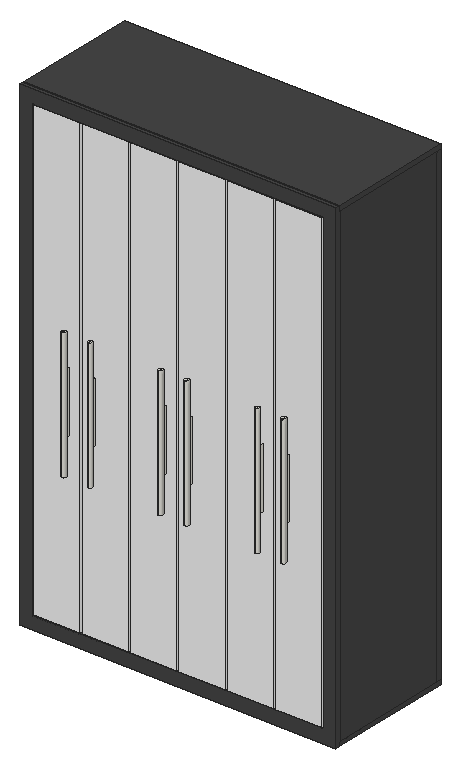
Revit family
Parameters (values of type "59A_침실_수납장2")
  Manufacturer = "Deco land"
  Model = "BM 901"
  wardrobe material = 몸통
  knob material = Chrome, 2
  face material = white shine
  Width = 1500 mm
  Height = 2300 mm
  Depth = 620 mm
  Assembly Code = ""
Types (2, lengths in mm): name | Width
  59A_침실_수납장2 | 1500
  59A_침실_수납장1 | 1800
Reference planes
  plane 1 "중심(앞/뒤)": y = 310
  plane 2: z = 0
  plane 3 "중심(왼쪽/오른쪽)": x = 0
  plane 4: x = -750
  plane 5: x = 750
  plane 6: y = 620
  plane 7: y = 0
  plane 8: z = 2300
  plane 9: y = 600
  plane 10: y = 20
  plane 11: x = -690
  plane 12: x = 690
  plane 13: x = -730
  plane 14: x = 730
  plane 15: z = 2279.812
  plane 16: z = 19.977
  plane 17: x = -230
  plane 18: x = 230
  plane 19: x = -460
  plane 20: x = 460
  plane 21: z = 1511.541
  plane 22: z = 788.271
  plane 23: z = 2234.812
  plane 24: z = 65
  plane 25: y = -35.557
  plane 26: z = 2239.812
  plane 27: z = 60
  plane 28: x = -465
  plane 29: x = -455
  plane 30: x = -235
  plane 31: x = -225
  plane 32: x = -5
  plane 33: x = 5
  plane 34: x = 225
  plane 35: x = 235
  plane 36: x = 455
  plane 37: x = 465
  plane 38: x = 1435
  plane 39: x = -1935
Forms (mm)
  Extrusion 1, solid, material "몸통" <- "wardrobe material"
    sketch origin (0, 310, 0) x (1, 0, 0) y (0, 0, 1)
      loop
        line (750, 2280) -> (730, 2280) -> (730, 20) -> (750, 20) -> (750, 2280)
      loop
        line (-750, 2280) -> (-750, 20) -> (-730, 20) -> (-730, 2280) -> (-750, 2280)
    from -290 to 290
  Extrusion 2, solid, material "몸통" <- "wardrobe material"
    sketch origin (0, 310, 0) x (1, 0, 0) y (0, 0, 1)
      loop
        line (-750, 2279.812) -> (-750, 19.977) -> (750, 19.977) -> (750, 2279.812) -> (-750, 2279.812)
    from -310 to -290
  Extrusion 3, solid, material "몸통" <- "wardrobe material"
    sketch origin (0, 310, 0) x (1, 0, 0) y (0, 0, -1)
      loop
        line (-750, -2300) -> (750, -2300) -> (750, 0) -> (-750, 0) -> (-750, -2300)
      loop
        line (-690, -2239.812) -> (690, -2239.812) -> (690, -60) -> (-690, -60) -> (-690, -2239.812)
    from -310 to -290
  Extrusion 4, solid, material "몸통" <- "wardrobe material"
    sketch origin (0, 310, 0) x (1, 0, 0) y (0, 0, 1)
      loop
        line (750, 2300) -> (-750, 2300) -> (-750, 2280) -> (750, 2280) -> (750, 2300)
      loop
        line (750, 20) -> (-750, 20) -> (-750, 0) -> (750, 0) -> (750, 20)
    from -310 to 290
  Extrusion 5, solid, material "white shine" <- "face material"
    sketch origin (0, 310, 0) x (1, 0, 0) y (0, 1, 0)
      loop
        line (-685, -290) -> (-685, -310) -> (-465, -310) -> (-465, -290) -> (-685, -290)
      loop
        line (-235, -290) -> (-455, -290) -> (-455, -310) -> (-235, -310) -> (-235, -290)
      loop
        line (-225, -290) -> (-225, -310) -> (-5, -310) -> (-5, -290) -> (-225, -290)
      loop
        line (225, -290) -> (5, -290) -> (5, -310) -> (225, -310) -> (225, -290)
      loop
        line (235, -290) -> (235, -310) -> (455, -310) -> (455, -290) -> (235, -290)
      loop
        line (685, -290) -> (465, -290) -> (465, -310) -> (685, -310) -> (685, -290)
    from 65 to 2234.812
  Revolve 6, solid, material "Chrome, 2" <- "knob material"
    sketch origin (522.12, 305, 0) x (0, 1, 0) y (0, 0, 1)
      loop
        line (-330.557, 1336.896) -> (-340.557, 1336.896) -> (-340.557, 723.503) -> (-330.557, 723.503) -> (-330.557, 1336.896)
      axis (-330.557, 1336.896) -> (-330.557, 723.503)
    angle from 0 to 360
  Extrusion 7, solid, material "Chrome, 2" <- "knob material"
    sketch origin (519.62, 310, 0) x (0, 1, 0) y (0, 0, 1)
      loop
        line (-310, 1172.352) -> (-327.98, 1172.352) -> (-327.98, 884.71) -> (-310, 884.71) -> (-310, 1172.352)
    from 0 to 5
  Revolve 8, solid, material "Chrome, 2" <- "knob material"
    sketch origin (397.88, 315, 0) x (0, 1, 0) y (0, 0, -1)
      loop
        line (-340.557, -1336.896) -> (-340.557, -723.503) -> (-350.557, -723.503) -> (-350.557, -1336.896) -> (-340.557, -1336.896)
      axis (-340.557, -1336.896) -> (-340.557, -723.503)
    angle from 0 to 360
  Extrusion 9, solid, material "Chrome, 2" <- "knob material"
    sketch origin (400.38, 310, 0) x (0, 1, 0) y (0, 0, -1)
      loop
        line (-310, -1172.352) -> (-310, -884.71) -> (-327.98, -884.71) -> (-327.98, -1172.352) -> (-310, -1172.352)
    from 0 to 5
  Revolve 10, solid, material "Chrome, 2" <- "knob material"
    sketch origin (-397.88, 305, 0) x (0, 1, 0) y (0, 0, 1)
      loop
        line (-330.557, 1336.896) -> (-340.557, 1336.896) -> (-340.557, 723.503) -> (-330.557, 723.503) -> (-330.557, 1336.896)
      axis (-330.557, 1336.896) -> (-330.557, 723.503)
    angle from 0 to 360
  Extrusion 11, solid, material "Chrome, 2" <- "knob material"
    sketch origin (-400.38, 310, 0) x (0, 1, 0) y (0, 0, 1)
      loop
        line (-310, 1172.352) -> (-327.98, 1172.352) -> (-327.98, 884.71) -> (-310, 884.71) -> (-310, 1172.352)
    from 0 to 5
  Revolve 12, solid, material "Chrome, 2" <- "knob material"
    sketch origin (-522.12, 315, 0) x (0, 1, 0) y (0, 0, -1)
      loop
        line (-340.557, -1336.896) -> (-340.557, -723.503) -> (-350.557, -723.503) -> (-350.557, -1336.896) -> (-340.557, -1336.896)
      axis (-340.557, -1336.896) -> (-340.557, -723.503)
    angle from 0 to 360
  Extrusion 13, solid, material "Chrome, 2" <- "knob material"
    sketch origin (-519.62, 310, 0) x (0, 1, 0) y (0, 0, -1)
      loop
        line (-310, -1172.352) -> (-310, -884.71) -> (-327.98, -884.71) -> (-327.98, -1172.352) -> (-310, -1172.352)
    from 0 to 5
  Revolve 14, solid, material "Chrome, 2" <- "knob material"
    sketch origin (62.12, 305, 0) x (0, 1, 0) y (0, 0, 1)
      loop
        line (-330.557, 1336.896) -> (-340.557, 1336.896) -> (-340.557, 723.503) -> (-330.557, 723.503) -> (-330.557, 1336.896)
      axis (-330.557, 1336.896) -> (-330.557, 723.503)
    angle from 0 to 360
  Extrusion 15, solid, material "Chrome, 2" <- "knob material"
    sketch origin (59.62, 310, 0) x (0, 1, 0) y (0, 0, 1)
      loop
        line (-310, 1172.352) -> (-327.98, 1172.352) -> (-327.98, 884.71) -> (-310, 884.71) -> (-310, 1172.352)
    from 0 to 5
  Revolve 16, solid, material "Chrome, 2" <- "knob material"
    sketch origin (-62.12, 315, 0) x (0, 1, 0) y (0, 0, -1)
      loop
        line (-340.557, -1336.896) -> (-340.557, -723.503) -> (-350.557, -723.503) -> (-350.557, -1336.896) -> (-340.557, -1336.896)
      axis (-340.557, -1336.896) -> (-340.557, -723.503)
    angle from 0 to 360
  Extrusion 17, solid, material "Chrome, 2" <- "knob material"
    sketch origin (-59.62, 310, 0) x (0, 1, 0) y (0, 0, -1)
      loop
        line (-310, -1172.352) -> (-310, -884.71) -> (-327.98, -884.71) -> (-327.98, -1172.352) -> (-310, -1172.352)
    from 0 to 5
Lines and regions (mm)
  symbolic lines, detail levels coarse+medium
    curve 1: line (-750, 620, 0) -> (750, 620, 0)
    curve 2: line (-750, 0, 0) -> (-750, 620, 0)
    curve 3: line (750, 0, 0) -> (-750, 0, 0)
    curve 4: line (750, 620, 0) -> (750, 0, 0)
    curve 5: line (-750, 20, 0) -> (750, 20, 0)
  symbolic lines, detail levels fine
    curve 6: line (750, 620, 0) -> (-750, 620, 0)
    curve 7: line (-750, 600, 0) -> (750, 600, 0)
    curve 8: line (-750, 20, 0) -> (750, 20, 0)
    curve 9: line (-750, 0, 0) -> (750, 0, 0)
    curve 10: line (519.62, -17.98, 0) -> (524.62, -17.98, 0)
    curve 11: line (395.38, -17.98, 0) -> (400.38, -17.98, 0)
    curve 12: line (59.62, -17.98, 0) -> (64.62, -17.98, 0)
    curve 13: line (-64.62, -17.98, 0) -> (-59.62, -17.98, 0)
    curve 14: line (-400.38, -17.98, 0) -> (-395.38, -17.98, 0)
    curve 15: line (-524.62, -17.98, 0) -> (-519.62, -17.98, 0)
    curve 16: line (750, 0, 0) -> (750, 620, 0)
    curve 17: line (730, 600, 0) -> (730, 20, 0)
    curve 18: line (690, 20, 0) -> (690, 0, 0)
    curve 19: line (685, 0, 0) -> (685, 20, 0)
    curve 20: line (524.62, -17.98, 0) -> (524.62, 0, 0)
    curve 21: line (519.62, 0, 0) -> (519.62, -17.98, 0)
    curve 22: arc (522.12, -15.557, 0) -> (532.12, -25.557, 0) -> (522.12, -35.557, 0) r 10
    curve 23: arc (522.12, -35.557, 0) -> (512.12, -25.557, 0) -> (522.12, -15.557, 0) r 10
    curve 24: line (465, 20, 0) -> (465, 0, 0)
    curve 25: line (455, 0, 0) -> (455, 20, 0)
    curve 26: line (400.38, -17.98, 0) -> (400.38, 0, 0)
    curve 27: line (395.38, 0, 0) -> (395.38, -17.98, 0)
    curve 28: arc (397.88, -35.557, 0) -> (407.88, -25.557, 0) -> (397.88, -15.557, 0) r 10
    curve 29: arc (397.88, -15.557, 0) -> (387.88, -25.557, 0) -> (397.88, -35.557, 0) r 10
    curve 30: line (235, 20, 0) -> (235, 0, 0)
    curve 31: line (225, 0, 0) -> (225, 20, 0)
    curve 32: arc (62.12, -15.557, 0) -> (72.12, -25.557, 0) -> (62.12, -35.557, 0) r 10
    curve 33: arc (62.12, -35.557, 0) -> (52.12, -25.557, 0) -> (62.12, -15.557, 0) r 10
    curve 34: line (64.62, -17.98, 0) -> (64.62, 0, 0)
    curve 35: line (59.62, 0, 0) -> (59.62, -17.98, 0)
    curve 36: line (5, 20, 0) -> (5, 0, 0)
    curve 37: line (-5, 0, 0) -> (-5, 20, 0)
    curve 38: line (-59.62, -17.98, 0) -> (-59.62, 0, 0)
    curve 39: line (-64.62, 0, 0) -> (-64.62, -17.98, 0)
    curve 40: arc (-62.12, -35.557, 0) -> (-52.12, -25.557, 0) -> (-62.12, -15.557, 0) r 10
    curve 41: arc (-62.12, -15.557, 0) -> (-72.12, -25.557, 0) -> (-62.12, -35.557, 0) r 10
    curve 42: line (-225, 20, 0) -> (-225, 0, 0)
    curve 43: line (-235, 0, 0) -> (-235, 20, 0)
    curve 44: line (-395.38, -17.98, 0) -> (-395.38, 0, 0)
    curve 45: line (-400.38, 0, 0) -> (-400.38, -17.98, 0)
    curve 46: arc (-397.88, -15.557, 0) -> (-387.88, -25.557, 0) -> (-397.88, -35.557, 0) r 10
    curve 47: arc (-397.88, -35.557, 0) -> (-407.88, -25.557, 0) -> (-397.88, -15.557, 0) r 10
    curve 48: line (-455, 20, 0) -> (-455, 0, 0)
    curve 49: line (-465, 0, 0) -> (-465, 20, 0)
    curve 50: line (-519.62, -17.98, 0) -> (-519.62, 0, 0)
    curve 51: line (-524.62, 0, 0) -> (-524.62, -17.98, 0)
    curve 52: arc (-522.12, -35.557, 0) -> (-512.12, -25.557, 0) -> (-522.12, -15.557, 0) r 10
    curve 53: arc (-522.12, -15.557, 0) -> (-532.12, -25.557, 0) -> (-522.12, -35.557, 0) r 10
    curve 54: line (-685, 20, 0) -> (-685, 0, 0)
    curve 55: line (-690, 0, 0) -> (-690, 20, 0)
    curve 56: line (-730, 20, 0) -> (-730, 600, 0)
    curve 57: line (-750, 620, 0) -> (-750, 0, 0)
Dimensions and locks
  equal spacing: plane 4, plane 3 "중심(왼쪽/오른쪽)", plane 5
  "Width": plane 4 to plane 5
  equal spacing: plane 7, plane 1 "중심(앞/뒤)", plane 6
  "Depth": plane 7 to plane 6
  "Height": level to plane 8
  locked: plane 9 to plane 6 at 20
  locked: plane 7 to plane 10 at 20
  locked: plane 4 to plane 13 at 20
  locked: plane 14 to plane 5 at 20
  equal spacing: plane 11, plane 19, plane 17, plane 3 "중심(왼쪽/오른쪽)", plane 18, plane 20, plane 12
  Extrusion 5 to plane 12 = 5 mm
  locked: plane 11 to Extrusion 5 at 5
  equal spacing: plane 24, plane 22, plane 21, plane 23
  equal spacing: Extrusion 11, plane 19, Extrusion 13, locked at 59.62 each
  equal spacing: Extrusion 7, plane 20, Extrusion 9, locked at 59.62 each
  locked: plane 25 to plane 7 at 35.557
  locked: plane 23 to plane 26 at 5
  locked: plane 26 to plane 15 at 40
  locked: plane 15 to plane 8 at 20.188
  locked: plane 27 to plane 24 at 5
  locked: plane 16 to plane 27 at 40.023
  locked: level to plane 16 at 19.977
  equal spacing: Extrusion 15, plane 3 "중심(왼쪽/오른쪽)", Extrusion 17
  locked: plane 28 to plane 19 at 5
  locked: plane 19 to plane 29 at 5
  locked: plane 30 to plane 17 at 5
  locked: plane 17 to plane 31 at 5
  locked: plane 32 to plane 3 "중심(왼쪽/오른쪽)" at 5
  locked: plane 3 "중심(왼쪽/오른쪽)" to plane 33 at 5
  locked: plane 34 to plane 18 at 5
  locked: plane 18 to plane 35 at 5
  locked: plane 36 to plane 20 at 5
  locked: plane 20 to plane 37 at 5
  locked: plane 12 to plane 14 at 40
  aligned and locked: Extrusion 4 to Extrusion 1  (x6)
  aligned and locked: Extrusion 4 to Extrusion 4  (x2)
  aligned and locked: plane 4 to Extrusion 4  (x2)
  aligned and locked: plane 5 to Extrusion 4  (x2)
  aligned and locked: Extrusion 1 to Extrusion 4  (x3)
  aligned and locked: Extrusion 1 to plane 5
  aligned and locked: plane 4 to Extrusion 1
  aligned and locked: plane 4 to Extrusion 2
  aligned and locked: Extrusion 3 to plane 5  (x2)
  aligned and locked: plane 4 to Extrusion 3  (x3)
  aligned and locked: Extrusion 4 to plane 5
  aligned and locked: plane 5 to Extrusion 3
  aligned and locked: plane 5 to Extrusion 2
  aligned and locked: plane 7 to Extrusion 3  (x2)
  aligned and locked: Extrusion 3 to plane 7  (x3)
  aligned and locked: Extrusion 4 to level  (x2)
  aligned and locked: plane 16 to Extrusion 2
  aligned and locked: level to Extrusion 3
  aligned and locked: Extrusion 3 to Extrusion 4
  aligned and locked: plane 15 to Extrusion 2
  aligned and locked: plane 2 to level
  aligned and locked: Extrusion 4 to plane 8  (x5)
  aligned and locked: Extrusion 4 to plane 6
  aligned and locked: plane 9 to Extrusion 2  (x2)
  aligned and locked: Extrusion 2 to plane 6
  aligned and locked: Extrusion 4 to plane 10
  aligned and locked: Extrusion 1 to Extrusion 2
  aligned and locked: Extrusion 1 to plane 9
  aligned and locked: Extrusion 2 to Extrusion 1
  aligned and locked: Extrusion 2 to plane 9
  aligned and locked: plane 9 to Extrusion 1
  aligned and locked: Extrusion 3 to plane 10
  aligned and locked: plane 10 to Extrusion 1  (x2)
  aligned and locked: plane 10 to Extrusion 4
  aligned and locked: plane 25 to Revolve 12
  aligned and locked: plane 25 to Revolve 10
  aligned and locked: plane 25 to Revolve 8
  aligned and locked: plane 25 to Revolve 6
  aligned and locked: Extrusion 5 to plane 23
  aligned and locked: plane 24 to Extrusion 5
  aligned and locked: plane 26 to Extrusion 3
  aligned and locked: plane 27 to Extrusion 3
  aligned and locked: plane 11 to Extrusion 3
  aligned and locked: plane 12 to Extrusion 3
  aligned and locked: plane 7 to Extrusion 13
  aligned and locked: Extrusion 13 to Extrusion 3  (x2)
  aligned and locked: Extrusion 5 to Extrusion 13
  aligned and locked: plane 25 to Revolve 16
  aligned and locked: plane 25 to Revolve 14
  aligned and locked: plane 28 to Extrusion 5 sketch curve
  aligned and locked: plane 29 to Extrusion 5 sketch curve
  aligned and locked: Extrusion 5 sketch curve to plane 30
  aligned and locked: Extrusion 5 sketch curve to plane 31
  aligned and locked: plane 32 to Extrusion 5 sketch curve
  aligned and locked: plane 33 to Extrusion 5 sketch curve
  aligned and locked: Extrusion 5 sketch curve to plane 35
  aligned and locked: Extrusion 5 sketch curve to plane 34
  aligned and locked: plane 37 to Extrusion 5 sketch curve
  aligned and locked: plane 36 to Extrusion 5 sketch curve
  aligned and locked: plane 13 to Extrusion 1
  aligned and locked: plane 14 to Extrusion 1
  aligned and locked: curve 1 to Extrusion 2
  aligned and locked: curve 4 to Extrusion 3  (x2)
  aligned and locked: curve 2 to curve 5
  aligned and locked: curve 5 to Extrusion 1
  aligned and locked: curve 6 to Extrusion 4
  aligned and locked: curve 7 to Extrusion 2
  aligned and locked: curve 8 to Extrusion 4
  aligned and locked: curve 9 to Extrusion 3
  aligned and locked: curve 10 to Extrusion 7
  aligned and locked: curve 11 to Extrusion 9
  aligned and locked: curve 12 to Extrusion 15
  aligned and locked: curve 13 to Extrusion 17
  aligned and locked: curve 14 to Extrusion 11
  aligned and locked: curve 15 to Extrusion 13
  aligned and locked: curve 16 to Extrusion 4
  aligned and locked: curve 17 to Extrusion 1
  aligned and locked: curve 18 to Extrusion 3
  aligned and locked: curve 19 to Extrusion 5
  aligned and locked: curve 20 to Extrusion 7
  aligned and locked: curve 21 to Extrusion 7
  aligned and locked: curve 24 to Extrusion 5
  aligned and locked: curve 25 to Extrusion 5
  aligned and locked: curve 26 to Extrusion 9
  aligned and locked: curve 27 to Extrusion 9
  aligned and locked: curve 30 to Extrusion 5
  aligned and locked: curve 31 to Extrusion 5
  aligned and locked: curve 34 to Extrusion 15
  aligned and locked: curve 35 to Extrusion 15
  aligned and locked: curve 36 to Extrusion 5
  aligned and locked: curve 37 to Extrusion 5
  aligned and locked: curve 38 to Extrusion 17
  aligned and locked: curve 39 to Extrusion 17
  aligned and locked: curve 42 to Extrusion 5
  aligned and locked: curve 43 to Extrusion 5
  aligned and locked: curve 44 to Extrusion 11
  aligned and locked: curve 45 to Extrusion 11
  aligned and locked: curve 48 to Extrusion 5
  aligned and locked: curve 49 to Extrusion 5
  aligned and locked: curve 50 to Extrusion 13
  aligned and locked: curve 51 to Extrusion 13
  aligned and locked: curve 54 to Extrusion 5
  aligned and locked: curve 55 to Extrusion 3
  aligned and locked: curve 56 to Extrusion 1
  aligned and locked: curve 57 to Extrusion 4
Automatic sketch dimensions
  Extrusion 1 sketch curve to plane 4 = 0 mm
  Extrusion 1 sketch curve to plane 13 = 0 mm
  Extrusion 1 sketch curve to plane 14 = 0 mm
  Extrusion 1 sketch curve to plane 5 = 0 mm
  Extrusion 1 sketch curve to plane 16 = 0.023 mm  (x2)
  Extrusion 1 sketch curve to plane 15 = 0.188 mm  (x2)
  Extrusion 2 sketch curve to plane 4 = 0 mm
  Extrusion 2 sketch curve to plane 5 = 0 mm
  Extrusion 2 sketch curve to plane 16 = 0 mm
  Extrusion 2 sketch curve to plane 15 = 0 mm
  Extrusion 4 sketch curve to level = 0 mm
  Extrusion 4 sketch curve to plane 4 = 0 mm  (x2)
  Extrusion 4 sketch curve to plane 5 = 0 mm  (x2)
  Extrusion 4 sketch curve to plane 8 = 0 mm
  Extrusion 4 sketch curve to plane 16 = 0.023 mm
  Extrusion 4 sketch curve to plane 15 = 0.188 mm
  Extrusion 7 sketch curve to Extrusion 7 sketch curve = 17.98 mm
  Extrusion 7 sketch curve to Extrusion 7 sketch curve = 287.642 mm
  Revolve 6 sketch curve to Revolve 6 sketch curve = 10 mm
  Extrusion 9 sketch curve to Extrusion 9 sketch curve = 17.98 mm
  Extrusion 9 sketch curve to Extrusion 9 sketch curve = 287.642 mm
  Revolve 8 sketch curve to Revolve 8 sketch curve = 10 mm
  Extrusion 11 sketch curve to Extrusion 11 sketch curve = 17.98 mm
  Extrusion 11 sketch curve to Extrusion 11 sketch curve = 287.642 mm
  Revolve 10 sketch curve to Revolve 10 sketch curve = 10 mm
  Extrusion 13 sketch curve to Extrusion 13 sketch curve = 17.98 mm
  Extrusion 13 sketch curve to Extrusion 13 sketch curve = 287.642 mm
  Revolve 12 sketch curve to Revolve 12 sketch curve = 10 mm
  Extrusion 3 sketch curve to level = 0 mm
  Extrusion 3 sketch curve to plane 4 = 0 mm
  Extrusion 3 sketch curve to plane 5 = 0 mm
  Extrusion 3 sketch curve to plane 8 = 0 mm
  Extrusion 3 sketch curve to plane 11 = 0 mm
  plane 12 to Extrusion 3 sketch curve = 0 mm
  plane 15 to Extrusion 3 sketch curve = 40 mm
  Extrusion 3 sketch curve to plane 16 = 40.023 mm
  Extrusion 15 sketch curve to Extrusion 15 sketch curve = 17.98 mm
  Extrusion 15 sketch curve to Extrusion 15 sketch curve = 287.642 mm
  Revolve 14 sketch curve to Revolve 14 sketch curve = 10 mm
  Extrusion 17 sketch curve to Extrusion 17 sketch curve = 17.98 mm
  Extrusion 17 sketch curve to Extrusion 17 sketch curve = 287.642 mm
  Revolve 16 sketch curve to Revolve 16 sketch curve = 10 mm
  Extrusion 5 sketch curve to plane 7 = 0 mm  (x6)
  Extrusion 5 sketch curve to plane 10 = 0 mm  (x6)
  plane 11 to Extrusion 5 sketch curve = 5 mm
  Extrusion 5 sketch curve to plane 12 = 5 mm
  curve 52 to plane 25 = 0 mm
  curve 46 to plane 25 = 0 mm
  curve 40 to plane 25 = 0 mm
  curve 33 to plane 25 = 0 mm
  curve 28 to plane 25 = 0 mm
  curve 23 to plane 25 = 0 mm
  curve 52 to curve 15 = 2.5 mm
  curve 14 to curve 47 = 2.5 mm
  curve 40 to curve 13 = 2.5 mm
  curve 12 to curve 33 = 2.5 mm
  curve 29 to curve 11 = 2.5 mm
  curve 10 to curve 22 = 2.5 mm
  curve 52 to curve 15 = 7.577 mm
  curve 23 to curve 10 = 7.577 mm
  curve 47 to curve 14 = 7.577 mm
  curve 32 to curve 12 = 7.577 mm
  curve 40 to curve 13 = 7.577 mm
  curve 28 to curve 11 = 7.577 mm
